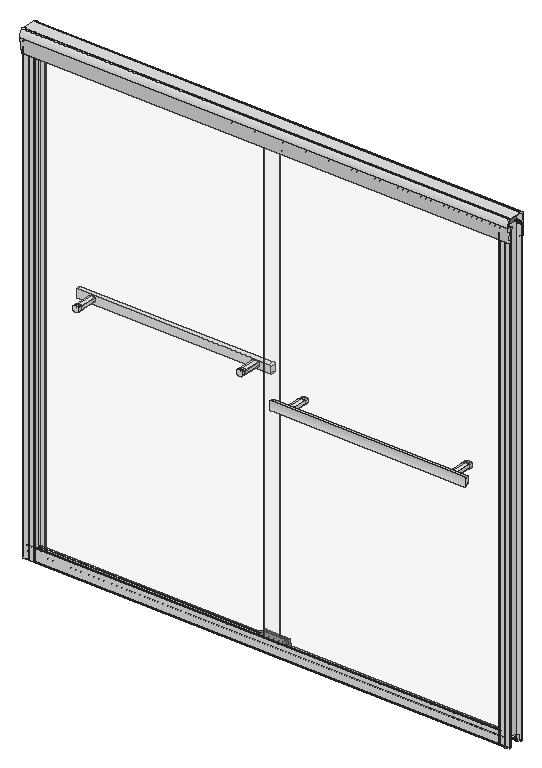
Revit family "Shower-Shower_Door-KOHLER-Gradient-K-709062_1", category Specialty Equipment, host Face, Revit 2021
Family settings
  Host = Face
  Round Connector Dimension = Use Diameter
  Part Type = Normal
  OmniClass Number = 23.31.17.17
  OmniClass Title = Shower Enclosures
  Cut with Voids When Loaded = No
  Shared = No
  Room Calculation Point = No
Parameters (values of type "Crystal Clear Glass, SHP-Bright Polished Silver")
  Width [instance] = Walk Thru + 1.40945" + 30.34252"  # 59.62697"
  WaterSense Certified = 1 = 0  # no
  Walk Thru [instance] = 27 7/8"
  URL = "https://www.us.kohler.com/us/"
  Type = 3
  Secondary Finish = Kohler-Glass-L-Crystal_Clear
  Product Page URL = "http://www.us.kohler.com/us/catalog/productDetails.jsp?productNumber=709062-L"
  Product Name = "Gradient"  # constant formula
  Product Documentation Link = "https://www.us.kohler.com/webassets/kpna/catalog/pdf/en/K-709062-L_spec_US-CA_Kohler_en.pdf"
  Model = if(Type = 1, "K-709062-L-ABZ", if(Type = 2, "K-709062-L-MX", if(Type = 3, "K-709062-L-SHP", if(Type = 4, "K-709062-D3-ABZ", if(Type = 5, "K-709062-D3-MX", if(Type = 6, "K-709062-D3-SHP", "NA"))))))  # "K-709062-L-SHP"
  Material = "Premium Metal Construction"  # constant formula
  Master Format 2014 Name = "Shower Doors"  # constant formula
  Master Format 2014 = "10 28 19.16"  # constant formula
  Manufacturer Address = "444 Highland Dr, Kohler, WI 53044"  # constant formula
  Manufacturer = "Kohler Co."  # constant formula
  Length = 6.02362"  # constant formula
  Height = 58.06299"  # constant formula
  Finish = Kohler-Metal-SHP-Bright_Polished_Silver
  Environmental Product Declaration = ""
  Description = if(Type < 4, "Sliding Bath Door, 58-1/16 Inch H x 56-5/8 - 59-5/8 Inch W, With 1/4 Inch Thick Crystal Clear Glass", "Sliding Bath Door, 58-1/16 Inch H x 56-5/8 - 59-5/8 Inch W, With 1/4 Inch Thick Frosted Glass")  # "Sliding Bath Door, 58-1/16 Inch H x 56-5/8 - 59-5/8 Inch W, With 1/4 Inch Thick Crystal Clear Glass"
  Default Elevation = 4"
  Declare Label = ""
  Date Modified = "08/03/2023"  # constant formula
  Date Created = "08/03/2023"  # constant formula
  Copyright = "Copyright Kohler Co."  # constant formula
  Contact Us = "https://www.us.kohler.com/us/static/contact.jsp"
  Assembly Code = "C1030200"
  ADA Compliant = 1 = 0  # no
Reference planes (in)
  plane 1 "Center (Front/Back)": y = 0
  plane 2: z = 0
  plane 3 "Center (Left/Right)": x = 0
  plane 4: x = 59.62697
  plane 5: x = 30.34259
  plane 6: x = 58.21759
  plane 7: z = 58.06299
  plane 8: z = 55.33756
  plane 9: y = 3.47714
  plane 10: y = -2.54649
  plane 11: x = 31.91756
  plane 12: x = 55.87712
  plane 13: x = 5.7298
  plane 14: x = 25.7298
  plane 15: x = 33.89679
  plane 16: x = 53.89679
  plane 17: x = 27.70824
  plane 18: x = 3.74548
  plane 19: z = 28.81592
  plane 20: y = 0.115
  plane 21: y = -0.115
  plane 22: y = 0.81969
  plane 23: y = 1.04969
  plane 24: y = 1.48378
  plane 25: y = -0.8593
Dimensions and locks (in)
  "Height": plane 7 to level
  locked: plane 5 to plane 3 "Center (Left/Right)" at 30.34259
  "Width": plane 4 to plane 3 "Center (Left/Right)"
  "Walk Thru": plane 5 to plane 6
  "Length": plane 10 to plane 9
  plane 11 to plane 12 to plane 4 = 23.95956" locked, 3.74985" locked
  plane 15 to plane 16 to plane 4 = 20" locked, 5.73018" locked
  plane 3 "Center (Left/Right)" to plane 18 to plane 17 = 3.74548" locked, 23.96277" locked
  locked: plane 7 to plane 8 at 2.72543
  plane 19 to level = 28.81592"
  plane 20 to plane 21 = 0.23"
  plane 23 to plane 22 = 0.23"
  plane 24 to plane 25 = 2.34308"
  plane 8 to level = 55.33756"
  aligned and locked: plane 2 to host face
  aligned and locked: level to host face
  aligned and locked: plane 3 "Center (Left/Right)" to nested 1
Automatic sketch dimensions
  host sketch curve to host sketch curve = 96"  (x2)
Nested families (in)
  nested 1: "K-709062" at (0, 0, 0), type "K-709062"
Definition of nested family "K-709062"
  Parameters (values of type "K-709062")
    Width = Walk Thru + 1.40945" + 30.34252"  # 59.62598"
    Walk Thru = 27.87402"
    Material = none
    Height = 58.06299"
    Glass Finish = none
    Default Elevation = 0"
  Reference planes (in)
    plane 1 "Center (Front/Back)": y = 0
    plane 2: z = 0
    plane 3 "Center (Left/Right)": x = 0
    plane 4: z = 58.06299
    plane 5: z = 28.81592
    plane 6: x = 59.62598
    plane 7: x = 58.21661
    plane 8: x = 30.34259
    plane 9: x = 29.1458
    plane 10: x = 58.6458
    plane 11: x = 33.8958
    plane 12: x = 53.8958
    plane 13: x = 59.26204
    plane 14: z = 56.86392
    plane 15: x = 3.9798
    plane 16: x = 27.4798
    plane 17: x = 32.1458
    plane 18: x = 55.6458
    plane 19: x = 31.91658
    plane 20: x = 55.87613
    plane 21: x = 5.7298
    plane 22: x = 25.7298
    plane 23: z = 0.04959
    plane 24: y = -2.54713
    plane 25: y = 3.47714
    plane 26: z = 56.61016
    plane 27: z = 57.40876
    plane 28: z = 55.33756
    plane 29: z = 56.05307
    plane 30: x = 58.21661
    plane 31: x = 27.70824
    plane 32: x = 3.74548
    plane 33: y = 0.81969
    plane 34: y = 1.04969
    plane 35: y = 0.115
    plane 36: y = -0.115
    plane 37: z = 1.52572
  Forms (in)
    Extrusion 1, solid, material <- "Material", detail levels medium+fine
      sketch origin (0, 0, 0) x (0, 1, 0) y (0, 0, 1)
        loop
          line (1.29486, 0.07294) -> (1.29486, 0.44692) -> (1.2746, 0.48201) -> (1.29486, 0.51709) -> (1.29486, 0.55492)
          arc (1.29486, 0.55492) -> (1.27265, 0.60989) -> (1.21849, 0.634) r 0.07913
          line (1.21849, 0.634) -> (-0.32511, 0.68791) -> (-0.32511, 0.84538)
          arc (-0.32511, 0.84538) -> (-0.31749, 0.8583) -> (-0.30249, 0.85789) r 0.01477
          arc (-0.30249, 0.85789) -> (-0.28603, 0.84882) -> (-0.26865, 0.84165) r 0.16784
          line (-0.26865, 0.84165) -> (-0.24671, 0.81971)
          arc (-0.24671, 0.81971) -> (-0.23175, 0.81584) -> (-0.22112, 0.82705) r 0.01522
          arc (-0.22112, 0.82705) -> (-0.2255, 0.85945) -> (-0.25019, 0.88089) r 0.04633
          arc (-0.25019, 0.88089) -> (-0.26957, 0.89021) -> (-0.28686, 0.90299) r 0.11456
          arc (-0.28686, 0.90299) -> (-0.31502, 0.94159) -> (-0.32499, 0.98833) r 0.11456
          line (-0.32499, 0.98833) -> (-0.32499, 1.11084) -> (-0.26549, 1.11084)
          arc (-0.26549, 1.11084) -> (-0.22886, 1.12601) -> (-0.21369, 1.16263) r 0.0518
          line (-0.21369, 1.16263) -> (-0.21369, 1.19618)
          arc (-0.21369, 1.19618) -> (-0.23637, 1.21886) -> (-0.25905, 1.19618) r 0.02268
          line (-0.25905, 1.19618) -> (-0.25905, 1.15504) -> (-0.31001, 1.15504) -> (-0.31001, 1.21871) -> (-0.32499, 1.25084) -> (-0.32499, 1.38715) -> (-0.31002, 1.41925) -> (-0.31002, 1.47562) -> (-0.2602, 1.47562) -> (-0.2602, 1.43996)
          arc (-0.2602, 1.43996) -> (-0.23541, 1.41517) -> (-0.21062, 1.43996) r 0.02479
          line (-0.21062, 1.43996) -> (-0.21062, 1.47889)
          arc (-0.21062, 1.47889) -> (-0.22434, 1.512) -> (-0.25745, 1.52572) r 0.04683
          line (-0.25745, 1.52572) -> (-0.30844, 1.52572)
          arc (-0.30844, 1.52572) -> (-0.35456, 1.50662) -> (-0.37367, 1.46049) r 0.06523
          line (-0.37367, 1.46049) -> (-0.37367, 0.07099)
          arc (-0.37367, 0.07099) -> (-0.37954, 0.05683) -> (-0.3937, 0.05096) r 0.02003
          line (-0.3937, 0.05096) -> (-0.42577, 0.05096)
          arc (-0.42577, 0.05096) -> (-0.42531, 0.01788) -> (-0.39744, 0.00004) r 0.03491
          arc (-0.39744, 0.00004) -> (-0.34661, 0.0178) -> (-0.32508, 0.06714) r 0.06729
          line (-0.32508, 0.06714) -> (-0.32508, 0.10788) -> (-0.09874, 0.10788)
          arc (-0.09874, 0.10788) -> (-0.07632, 0.1303) -> (-0.09874, 0.15271) r 0.02242
          line (-0.09874, 0.15271) -> (-0.32509, 0.15271) -> (-0.32509, 0.64098) -> (1.04013, 0.59521)
          arc (1.04013, 0.59521) -> (1.05516, 0.58422) -> (1.05044, 0.56621) r 0.01654
          arc (1.05044, 0.56621) -> (1.04292, 0.54967) -> (1.05044, 0.53313) r 0.02195
          line (1.05044, 0.53313) -> (1.22463, 0.53313) -> (1.22463, 0.43043) -> (1.06157, 0.43043)
          arc (1.06157, 0.43043) -> (1.04772, 0.42385) -> (1.04408, 0.40894) r 0.01787
          arc (1.04408, 0.40894) -> (1.05451, 0.39177) -> (1.07345, 0.38503) r 0.03
          line (1.07345, 0.38503) -> (1.25009, 0.38503) -> (1.25009, 0.05809)
          arc (1.25009, 0.05809) -> (1.25916, 0.02712) -> (1.28349, 0.00592) r 0.05744
          arc (1.28349, 0.00592) -> (1.31963, 0.00054) -> (1.35298, 0.01544) r 0.06519
          line (1.35298, 0.01544) -> (1.35298, 0.05032) -> (1.31748, 0.05032)
          arc (1.31748, 0.05032) -> (1.30148, 0.05694) -> (1.29486, 0.07294) r 0.02262
        loop
          line (-0.26698, 1.4057) -> (-0.26698, 1.4607) -> (-0.3002, 1.4607) -> (-0.3002, 1.17078) -> (-0.26663, 1.17078) -> (-0.26663, 1.22766) -> (-0.21844, 1.22766)
          arc (-0.21844, 1.22766) -> (-0.12942, 1.31668) -> (-0.21844, 1.4057) r 0.08902
          line (-0.21844, 1.4057) -> (-0.26698, 1.4057)
      from 0.3608 to 59.26204
    Extrusion 2, solid
      sketch origin (0, 0, 0) x (0, 1, 0) y (0, 0, 1)
        loop
          line (0.66435, 0.8084) -> (0.67425, 1.37565)
          arc (0.67425, 1.37565) -> (0.68433, 1.39372) -> (0.70495, 1.39536) r 0.02193
          arc (0.70495, 1.39536) -> (0.8185, 1.33639) -> (0.9231, 1.26269) r 0.95
          arc (0.9231, 1.26269) -> (0.95826, 1.26637) -> (0.95459, 1.30153) r 0.025
          arc (0.95459, 1.30153) -> (0.4723, 1.49126) -> (-0.00999, 1.30153) r 0.70787
          arc (-0.00999, 1.30153) -> (-0.01367, 1.26637) -> (0.02149, 1.26269) r 0.025
          arc (0.02149, 1.26269) -> (0.12593, 1.33629) -> (0.23929, 1.39521) r 0.95
          arc (0.23929, 1.39521) -> (0.26015, 1.39355) -> (0.27035, 1.37527) r 0.02218
          line (0.27035, 1.37527) -> (0.28024, 0.80885)
          arc (0.28024, 0.80885) -> (0.26258, 0.76557) -> (0.21906, 0.74852) r 0.05932
          line (0.21906, 0.74852) -> (-0.14589, 0.76001)
          arc (-0.14589, 0.76001) -> (-0.17227, 0.76652) -> (-0.19368, 0.78326) r 0.06496
          arc (-0.19368, 0.78326) -> (-0.21529, 0.79989) -> (-0.24192, 0.80581) r 0.06289
          line (-0.24192, 0.80581) -> (-0.28466, 0.80581) -> (-0.28857, 0.68593) -> (1.19947, 0.63741)
          arc (1.19947, 0.63741) -> (1.26756, 0.60723) -> (1.2955, 0.5382) r 0.09927
          line (1.2955, 0.5382) -> (1.2955, 0.06186) -> (1.38692, 0.06186) -> (1.38692, 0.71087)
          arc (1.38692, 0.71087) -> (1.25044, 1.04204) -> (1.19033, 1.39515) r 1.61462
          arc (1.19033, 1.39515) -> (1.12518, 1.45597) -> (1.0614, 1.39373) r 0.06454
          line (1.0614, 1.39373) -> (1.0391, 0.76495)
          arc (1.0391, 0.76495) -> (1.02578, 0.73531) -> (0.99555, 0.72341) r 0.04307
          line (0.99555, 0.72341) -> (0.744, 0.72638)
          arc (0.744, 0.72638) -> (0.68712, 0.75083) -> (0.66435, 0.8084) r 0.08062
      from 28.30248 to 31.33609
    Extrusion 3, solid, material <- "Glass Finish"
      sketch origin (0, 0, 0) x (1, 0, 0) y (0, 1, 0)
        loop
          line (58.60943, 0.115) -> (29.18217, 0.115)
          arc (29.18217, 0.115) -> (29.1458, 0) -> (29.18217, -0.115) r 0.2
          line (29.18217, -0.115) -> (58.60943, -0.115)
          arc (58.60943, -0.115) -> (58.6458, 0) -> (58.60943, 0.115) r 0.2
      from 1.02762 to 56.05307
    Extrusion 4, solid, material <- "Glass Finish"
      sketch origin (0, 0, 0) x (1, 0, 0) y (0, 1, 0)
        loop
          arc (1.01617, 1.04969) -> (0.9798, 0.93469) -> (1.01617, 0.81969) r 0.2
          line (1.01617, 0.81969) -> (30.44343, 0.81969)
          arc (30.44343, 0.81969) -> (30.4798, 0.93469) -> (30.44343, 1.04969) r 0.2
          line (30.44343, 1.04969) -> (1.01617, 1.04969)
      from 1.02762 to 56.05307
    Extrusion 5, solid, material <- "Material", detail levels medium+fine
      sketch origin (0, 0, 0) x (0, 1, 0) y (0, 0, 1)
        loop
          line (1.23281, 58.02954) -> (-0.29851, 58.02954)
          arc (-0.29851, 58.02954) -> (-0.31509, 58.03169) -> (-0.33057, 58.038) r 0.06497
          arc (-0.33057, 58.038) -> (-0.4542, 58.05679) -> (-0.55881, 57.98827) r 0.175
          arc (-0.55881, 57.98827) -> (-0.77592, 57.56714) -> (-0.8593, 57.10073) r 1.59001
          arc (-0.8593, 57.10073) -> (-0.65953, 56.22702) -> (-0.54931, 55.33756) r 8.8334
          line (-0.54931, 55.33756) -> (-0.46846, 55.33756) -> (-0.46846, 55.39663)
          arc (-0.46846, 55.39663) -> (-0.48453, 55.40205) -> (-0.4918, 55.41739) r 0.0217
          arc (-0.4918, 55.41739) -> (-0.56433, 56.1467) -> (-0.72135, 56.86259) r 6.2792
          line (-0.72135, 56.86259) -> (-0.5181, 56.86259) -> (-0.5181, 56.68745)
          arc (-0.5181, 56.68745) -> (-0.49314, 56.66249) -> (-0.46817, 56.68745) r 0.02497
          line (-0.46817, 56.68745) -> (-0.46817, 56.86259) -> (-0.32125, 56.86259)
          arc (-0.32125, 56.86259) -> (-0.21226, 56.8779) -> (-0.1117, 56.92262) r 0.39578
          line (-0.1117, 56.92262) -> (-0.1117, 57.01742)
          arc (-0.1117, 57.01742) -> (-0.13677, 57.04249) -> (-0.16184, 57.01742) r 0.02507
          line (-0.16184, 57.01742) -> (-0.16184, 56.96138)
          arc (-0.16184, 56.96138) -> (-0.29355, 56.90777) -> (-0.42717, 56.95643) r 0.1977
          line (-0.42717, 56.95643) -> (-0.42717, 57.01214) -> (-0.75964, 57.01214) -> (-0.78846, 57.11971)
          arc (-0.78846, 57.11971) -> (-0.70041, 57.55311) -> (-0.50691, 57.95079) r 1.75679
          arc (-0.50691, 57.95079) -> (-0.44916, 57.99243) -> (-0.37839, 57.98467) r 0.09922
          arc (-0.37839, 57.98467) -> (-0.34074, 57.97063) -> (-0.30084, 57.96585) r 0.16919
          line (-0.30084, 57.96585) -> (1.25494, 57.96585)
          arc (1.25494, 57.96585) -> (1.30282, 57.97183) -> (1.34777, 57.9894) r 0.19476
          arc (1.34777, 57.9894) -> (1.39629, 57.98843) -> (1.42027, 57.94624) r 0.0491
          line (1.42027, 57.94624) -> (1.42027, 57.00989) -> (1.36153, 57.00989) -> (1.36153, 56.95853)
          arc (1.36153, 56.95853) -> (1.22935, 56.91643) -> (1.09592, 56.95436) r 0.24041
          line (1.09592, 56.95436) -> (1.09592, 57.02091)
          arc (1.09592, 57.02091) -> (1.0718, 57.04503) -> (1.04768, 57.02091) r 0.02412
          line (1.04768, 57.02091) -> (1.04768, 56.92527)
          arc (1.04768, 56.92527) -> (1.12303, 56.87719) -> (1.21081, 56.86037) r 0.23747
          line (1.21081, 56.86037) -> (1.421, 56.86037) -> (1.421, 55.42098)
          arc (1.421, 55.42098) -> (1.4163, 55.40408) -> (1.40354, 55.39203) r 0.03274
          line (1.40354, 55.39203) -> (1.40354, 55.33756) -> (1.48378, 55.33756) -> (1.48378, 57.94196)
          arc (1.48378, 57.94196) -> (1.42996, 58.04039) -> (1.31805, 58.04819) r 0.11691
          arc (1.31805, 58.04819) -> (1.27644, 58.03425) -> (1.23281, 58.02954) r 0.20409
      from 0.00062 to 59.62598
    Extrusion 6, solid, material <- "Material", detail levels medium+fine
      sketch origin (0, 0, 0) x (1, 0, 0) y (0, 1, 0)
        loop
          line (0.67999, 1.33704) -> (0.67999, -0.40125)
          arc (0.67999, -0.40125) -> (0.37718, -0.40523) -> (0.07453, -0.41597) r 13.57614
          arc (0.07453, -0.41597) -> (0.05946, -0.41037) -> (0.05303, -0.39563) r 0.02055
          arc (0.05303, -0.39563) -> (0.02671, -0.36966) -> (0.00062, -0.39587) r 0.0262
          line (0.00062, -0.39587) -> (0.00062, -0.43355)
          arc (0.00062, -0.43355) -> (0.01344, -0.46089) -> (0.04264, -0.46853) r 0.03557
          arc (0.04264, -0.46853) -> (0.70746, -0.45054) -> (1.37227, -0.46875) r 12.22026
          arc (1.37227, -0.46875) -> (1.39854, -0.4591) -> (1.4096, -0.4334) r 0.0354
          line (1.4096, -0.4334) -> (1.4096, -0.39587)
          arc (1.4096, -0.39587) -> (1.38303, -0.36971) -> (1.35729, -0.39669) r 0.02616
          arc (1.35729, -0.39669) -> (1.35157, -0.41111) -> (1.33714, -0.41678) r 0.01949
          line (1.33714, -0.41678) -> (0.72932, -0.39556) -> (0.72932, 1.33135) -> (1.33714, 1.35257)
          arc (1.33714, 1.35257) -> (1.35157, 1.3469) -> (1.35729, 1.33248) r 0.01949
          arc (1.35729, 1.33248) -> (1.38303, 1.3055) -> (1.4096, 1.33166) r 0.02616
          line (1.4096, 1.33166) -> (1.4096, 1.36919)
          arc (1.4096, 1.36919) -> (1.39854, 1.39489) -> (1.37227, 1.40454) r 0.0354
          arc (1.37227, 1.40454) -> (0.70746, 1.38633) -> (0.04264, 1.40432) r 12.22026
          arc (0.04264, 1.40432) -> (0.01344, 1.39668) -> (0.00062, 1.36935) r 0.03557
          line (0.00062, 1.36935) -> (0.00062, 1.33166)
          arc (0.00062, 1.33166) -> (0.02671, 1.30545) -> (0.05303, 1.33142) r 0.0262
          arc (0.05303, 1.33142) -> (0.05946, 1.34616) -> (0.07453, 1.35176) r 0.02055
          arc (0.07453, 1.35176) -> (0.37718, 1.34102) -> (0.67999, 1.33704) r 13.57614
      from 0.05096 to 56.86392
    Extrusion 7, solid, material <- "Material", detail levels medium+fine
      sketch origin (0, 0, 0) x (1, 0, 0) y (0, 1, 0)
        loop
          line (58.89605, 1.3398) -> (58.89605, -0.40175)
          arc (58.89605, -0.40175) -> (58.59109, -0.40542) -> (58.28634, -0.41739) r 11.20243
          arc (58.28634, -0.41739) -> (58.27168, -0.41154) -> (58.2666, -0.39659) r 0.01885
          arc (58.2666, -0.39659) -> (58.24299, -0.36893) -> (58.21661, -0.39396) r 0.02507
          line (58.21661, -0.39396) -> (58.21661, -0.43519)
          arc (58.21661, -0.43519) -> (58.22703, -0.45941) -> (58.25178, -0.4685) r 0.03335
          arc (58.25178, -0.4685) -> (58.92274, -0.4501) -> (59.59371, -0.46839) r 12.28253
          arc (59.59371, -0.46839) -> (59.61585, -0.46026) -> (59.62517, -0.43859) r 0.02984
          line (59.62517, -0.43859) -> (59.62517, -0.39396)
          arc (59.62517, -0.39396) -> (59.59878, -0.36893) -> (59.57518, -0.39661) r 0.02507
          arc (59.57518, -0.39661) -> (59.57037, -0.4108) -> (59.55645, -0.41633) r 0.01785
          arc (59.55645, -0.41633) -> (59.25093, -0.40438) -> (58.94519, -0.40193) r 9.83252
          line (58.94519, -0.40193) -> (58.94519, 1.33999)
          arc (58.94519, 1.33999) -> (59.25093, 1.34243) -> (59.55645, 1.35438) r 9.83252
          arc (59.55645, 1.35438) -> (59.57037, 1.34885) -> (59.57518, 1.33467) r 0.01785
          arc (59.57518, 1.33467) -> (59.59878, 1.30698) -> (59.62517, 1.33202) r 0.02507
          line (59.62517, 1.33202) -> (59.62517, 1.37665)
          arc (59.62517, 1.37665) -> (59.61585, 1.39831) -> (59.59371, 1.40644) r 0.02984
          arc (59.59371, 1.40644) -> (58.92274, 1.38816) -> (58.25178, 1.40655) r 12.28253
          arc (58.25178, 1.40655) -> (58.22703, 1.39747) -> (58.21661, 1.37325) r 0.03335
          line (58.21661, 1.37325) -> (58.21661, 1.33202)
          arc (58.21661, 1.33202) -> (58.24299, 1.30698) -> (58.2666, 1.33464) r 0.02507
          arc (58.2666, 1.33464) -> (58.27168, 1.3496) -> (58.28634, 1.35545) r 0.01885
          arc (58.28634, 1.35545) -> (58.59109, 1.34347) -> (58.89605, 1.3398) r 11.20243
      from 0.04959 to 56.86392
    Extrusion 8, solid, detail levels medium+fine
      sketch origin (0, 0, 0) x (0, 1, 0) y (0, 0, 1)
        loop
          line (1.38976, 57.34452) -> (-0.45232, 57.34452) -> (-0.45232, 57.04221) -> (-0.16142, 57.04221) -> (-0.16142, 56.8626) -> (-0.35735, 56.8626) -> (-0.35735, 55.83761) -> (1.29216, 55.83761) -> (1.29216, 56.86162) -> (1.09774, 56.86162) -> (1.09774, 57.04034) -> (1.38976, 57.04034) -> (1.38976, 57.34452)
      from 0.72932 to 0.9809
    Extrusion 9, solid, detail levels medium+fine
      sketch origin (58.6458, 0, 48) x (0, 1, 0) y (0, 0, 1)
        loop
          line (1.38976, 9.34452) -> (-0.45232, 9.34452) -> (-0.45232, 9.04221) -> (-0.16142, 9.04221) -> (-0.16142, 8.8626) -> (-0.35735, 8.8626) -> (-0.35735, 7.83761) -> (1.29216, 7.83761) -> (1.29216, 8.86162) -> (1.09774, 8.86162) -> (1.09774, 9.04034) -> (1.38976, 9.04034) -> (1.38976, 9.34452)
      from 0 to 0.25025
    Extrusion 10, solid, material <- "Material", detail levels medium+fine
      sketch origin (3.9798, -180, 57.62292) x (0, 0, 1) y (0, -1, 0)
        loop
          arc (-2.11242, -180.69469) -> (-2.11983, -180.72969) -> (-2.09017, -180.74969) r 0.032
          line (-2.09017, -180.74969) -> (-1.05717, -180.74969)
          arc (-1.05717, -180.74969) -> (-0.99706, -180.77458) -> (-0.97217, -180.83469) r 0.085
          line (-0.97217, -180.83469) -> (-0.97217, -181.01469)
          arc (-0.97217, -181.01469) -> (-0.99706, -181.07479) -> (-1.05717, -181.09969) r 0.085
          line (-1.05717, -181.09969) -> (-2.09017, -181.09969)
          arc (-2.09017, -181.09969) -> (-2.11983, -181.11969) -> (-2.11242, -181.15469) r 0.032
          line (-2.11242, -181.15469) -> (-1.06217, -181.15469)
          arc (-1.06217, -181.15469) -> (-0.96628, -181.11669) -> (-0.92243, -181.02333) r 0.14
          arc (-0.92243, -181.02333) -> (-0.90286, -180.98165) -> (-0.86005, -180.96469) r 0.0625
          line (-0.86005, -180.96469) -> (-0.08017, -180.96469)
          arc (-0.08017, -180.96469) -> (-0.04017, -180.92469) -> (-0.08017, -180.88469) r 0.04
          line (-0.08017, -180.88469) -> (-0.86005, -180.88469)
          arc (-0.86005, -180.88469) -> (-0.90286, -180.86772) -> (-0.92243, -180.82604) r 0.0625
          arc (-0.92243, -180.82604) -> (-0.96628, -180.73268) -> (-1.06217, -180.69469) r 0.14
          line (-1.06217, -180.69469) -> (-2.11242, -180.69469)
      from -0.625 to 0.625
    Extrusion 11, solid, material <- "Material", detail levels medium+fine
      sketch origin (3.9798, -180, 57.62292) x (0, 0, 1) y (0, -1, 0)
        loop
          line (-1.06217, -180.69469) -> (-2.11242, -180.69469)
          arc (-2.11242, -180.69469) -> (-2.11983, -180.72969) -> (-2.09017, -180.74969) r 0.032
          line (-2.09017, -180.74969) -> (-1.05717, -180.74969)
          arc (-1.05717, -180.74969) -> (-0.99706, -180.77458) -> (-0.97217, -180.83469) r 0.085
          line (-0.97217, -180.83469) -> (-0.97217, -181.01469)
          arc (-0.97217, -181.01469) -> (-0.99706, -181.07479) -> (-1.05717, -181.09969) r 0.085
          line (-1.05717, -181.09969) -> (-2.09017, -181.09969)
          arc (-2.09017, -181.09969) -> (-2.11983, -181.11969) -> (-2.11242, -181.15469) r 0.032
          line (-2.11242, -181.15469) -> (-1.06217, -181.15469)
          arc (-1.06217, -181.15469) -> (-0.96628, -181.11669) -> (-0.92243, -181.02333) r 0.14
          arc (-0.92243, -181.02333) -> (-0.90286, -180.98165) -> (-0.86005, -180.96469) r 0.0625
          line (-0.86005, -180.96469) -> (-0.08017, -180.96469)
          arc (-0.08017, -180.96469) -> (-0.04017, -180.92469) -> (-0.08017, -180.88469) r 0.04
          line (-0.08017, -180.88469) -> (-0.86005, -180.88469)
          arc (-0.86005, -180.88469) -> (-0.90286, -180.86772) -> (-0.92243, -180.82604) r 0.0625
          arc (-0.92243, -180.82604) -> (-0.96628, -180.73268) -> (-1.06217, -180.69469) r 0.14
      from 22.875 to 24.125
    Extrusion 12, solid, material <- "Material", detail levels medium+fine
      sketch origin (32.1458, -180, 57.55142) x (0, 0, 1) y (0, -1, 0)
        loop
          arc (-2.04092, -179.78) -> (-2.04833, -179.815) -> (-2.01867, -179.835) r 0.032
          line (-2.01867, -179.835) -> (-0.98567, -179.835)
          arc (-0.98567, -179.835) -> (-0.92556, -179.8599) -> (-0.90067, -179.92) r 0.085
          line (-0.90067, -179.92) -> (-0.90067, -180.1)
          arc (-0.90067, -180.1) -> (-0.92556, -180.1601) -> (-0.98567, -180.185) r 0.085
          line (-0.98567, -180.185) -> (-2.01867, -180.185)
          arc (-2.01867, -180.185) -> (-2.04833, -180.205) -> (-2.04092, -180.24) r 0.032
          line (-2.04092, -180.24) -> (-0.99067, -180.24)
          arc (-0.99067, -180.24) -> (-0.89478, -180.202) -> (-0.85093, -180.10864) r 0.14
          arc (-0.85093, -180.10864) -> (-0.83136, -180.06696) -> (-0.78855, -180.05) r 0.0625
          line (-0.78855, -180.05) -> (-0.00867, -180.05)
          arc (-0.00867, -180.05) -> (0.03133, -180.01) -> (-0.00867, -179.97) r 0.04
          line (-0.00867, -179.97) -> (-0.78855, -179.97)
          arc (-0.78855, -179.97) -> (-0.83136, -179.95304) -> (-0.85093, -179.91136) r 0.0625
          arc (-0.85093, -179.91136) -> (-0.89478, -179.818) -> (-0.99067, -179.78) r 0.14
          line (-0.99067, -179.78) -> (-2.04092, -179.78)
      from -0.625 to 0.625
    Extrusion 13, solid, material <- "Material", detail levels medium+fine
      sketch origin (55.6458, -180, 57.61267) x (0, 0, 1) y (0, -1, 0)
        loop
          arc (-2.07992, -180.185) -> (-2.10958, -180.205) -> (-2.10217, -180.24) r 0.032
          line (-2.10217, -180.24) -> (-1.05192, -180.24)
          arc (-1.05192, -180.24) -> (-0.95603, -180.202) -> (-0.91218, -180.10864) r 0.14
          arc (-0.91218, -180.10864) -> (-0.89261, -180.06696) -> (-0.8498, -180.05) r 0.0625
          line (-0.8498, -180.05) -> (-0.06992, -180.05)
          arc (-0.06992, -180.05) -> (-0.02992, -180.01) -> (-0.06992, -179.97) r 0.04
          line (-0.06992, -179.97) -> (-0.8498, -179.97)
          arc (-0.8498, -179.97) -> (-0.89261, -179.95304) -> (-0.91218, -179.91136) r 0.0625
          arc (-0.91218, -179.91136) -> (-0.95603, -179.818) -> (-1.05192, -179.78) r 0.14
          line (-1.05192, -179.78) -> (-2.10217, -179.78)
          arc (-2.10217, -179.78) -> (-2.10958, -179.815) -> (-2.07992, -179.835) r 0.032
          line (-2.07992, -179.835) -> (-1.04692, -179.835)
          arc (-1.04692, -179.835) -> (-0.98681, -179.8599) -> (-0.96192, -179.92) r 0.085
          line (-0.96192, -179.92) -> (-0.96192, -180.1)
          arc (-0.96192, -180.1) -> (-0.98681, -180.1601) -> (-1.04692, -180.185) r 0.085
          line (-1.04692, -180.185) -> (-2.07992, -180.185)
      from -0.625 to 0.625
    Revolve 14, solid, material <- "Material", detail levels medium+fine
      sketch origin (3.9798, -180, 57.62292) x (0, 0, 1) y (0, -1, 0)
        loop
          arc (-0.00117, -181.33469) -> (0.05343, -181.19513) -> (-0.06606, -181.10469) r 0.12416
          line (-0.06606, -181.10469) -> (-0.17903, -181.10469) -> (-0.15016, -181.08447) -> (-0.15016, -180.97988) -> (-0.17873, -180.96469) -> (-0.25051, -180.96469) -> (-0.25051, -180.85863) -> (-0.1796, -180.85863)
          arc (-0.1796, -180.85863) -> (-0.23227, -180.77585) -> (-0.32494, -180.74361) r 0.14934
          line (-0.32494, -180.74361) -> (-0.32494, -181.36127) -> (-0.26271, -181.36127) -> (-0.23613, -181.33469) -> (-0.00117, -181.33469)
        axis (-0.32494, -181.36127) -> (-0.32494, -180.74361)
      angle from 0 to 360
    Revolve 15, solid, material <- "Material", detail levels medium+fine
      sketch origin (27.4798, -180, 56.04292) x (0, 0, 1) y (0, -1, 0)
        loop
          arc (1.57883, -181.33469) -> (1.63343, -181.19513) -> (1.51394, -181.10469) r 0.12416
          line (1.51394, -181.10469) -> (1.40097, -181.10469) -> (1.42984, -181.08447) -> (1.42984, -180.97988) -> (1.40127, -180.96469) -> (1.32949, -180.96469) -> (1.32949, -180.85863) -> (1.4004, -180.85863)
          arc (1.4004, -180.85863) -> (1.34773, -180.77585) -> (1.25506, -180.74361) r 0.14934
          line (1.25506, -180.74361) -> (1.25506, -181.36127) -> (1.31729, -181.36127) -> (1.34387, -181.33469) -> (1.57883, -181.33469)
        axis (1.25506, -180.74361) -> (1.25506, -181.36127)
      angle from 0 to 360
    Revolve 16, solid, material <- "Material", detail levels medium+fine
      sketch origin (32.1458, -180, 57.55142) x (0, 0, 1) y (0, -1, 0)
        loop
          line (0.07033, -179.6) -> (-0.16463, -179.6) -> (-0.19121, -179.57342) -> (-0.25344, -179.57342) -> (-0.25344, -180.19107)
          arc (-0.25344, -180.19107) -> (-0.16077, -180.15884) -> (-0.1081, -180.07605) r 0.14934
          line (-0.1081, -180.07605) -> (-0.17901, -180.07605) -> (-0.17901, -179.97) -> (-0.10723, -179.97) -> (-0.07866, -179.95481) -> (-0.07866, -179.85021) -> (-0.10753, -179.83) -> (0.00544, -179.83)
          arc (0.00544, -179.83) -> (0.12493, -179.73956) -> (0.07033, -179.6) r 0.12416
        axis (-0.25344, -179.57342) -> (-0.25344, -180.19107)
      angle from 0 to 360
    Revolve 17, solid, material <- "Material", detail levels medium+fine
      sketch origin (55.6458, -180, 57.61267) x (0, 0, 1) y (0, -1, 0)
        loop
          line (0.00908, -179.6) -> (-0.22588, -179.6) -> (-0.25246, -179.57342) -> (-0.31469, -179.57342) -> (-0.31469, -180.19107)
          arc (-0.31469, -180.19107) -> (-0.22202, -180.15884) -> (-0.16935, -180.07605) r 0.14934
          line (-0.16935, -180.07605) -> (-0.24026, -180.07605) -> (-0.24026, -179.97) -> (-0.16848, -179.97) -> (-0.13991, -179.95481) -> (-0.13991, -179.85021) -> (-0.16878, -179.83) -> (-0.05581, -179.83)
          arc (-0.05581, -179.83) -> (0.06368, -179.73956) -> (0.00908, -179.6) r 0.12416
        axis (-0.31469, -179.57342) -> (-0.31469, -180.19107)
      angle from 0 to 360
    Blend 18, solid, material <- "Material"
      base sketch origin (0, 0, 0) x (1, 0, 0) y (0, 0, 1)
        loop
          arc (31.90886, 28.45612) -> (31.96651, 28.31692) -> (32.10571, 28.25927) r 0.19685
          line (32.10571, 28.25927) -> (55.6859, 28.25927)
          arc (55.6859, 28.25927) -> (55.82509, 28.31692) -> (55.88275, 28.45612) r 0.19685
          line (55.88275, 28.45612) -> (55.88275, 29.20946)
          arc (55.88275, 29.20946) -> (55.83463, 29.32562) -> (55.71847, 29.37374) r 0.16428
          line (55.71847, 29.37374) -> (32.10571, 29.37374)
          arc (32.10571, 29.37374) -> (31.96651, 29.31608) -> (31.90886, 29.17689) r 0.19685
          line (31.90886, 29.17689) -> (31.90886, 28.45612)
      top sketch origin (0, 0, 0) x (1, 0, 0) y (0, 0, 1)
        loop
          line (55.71847, 29.295) -> (32.10571, 29.295)
          arc (32.10571, 29.295) -> (32.02219, 29.26041) -> (31.9876, 29.17689) r 0.11811
          line (31.9876, 29.17689) -> (31.9876, 28.45612)
          arc (31.9876, 28.45612) -> (32.02219, 28.3726) -> (32.10571, 28.33801) r 0.11811
          line (32.10571, 28.33801) -> (55.6859, 28.33801)
          arc (55.6859, 28.33801) -> (55.76941, 28.3726) -> (55.80401, 28.45612) r 0.11811
          line (55.80401, 28.45612) -> (55.80401, 29.20946)
          arc (55.80401, 29.20946) -> (55.77895, 29.26995) -> (55.71847, 29.295) r 0.08554
      from 2.55411 to 2.07694
    Extrusion 19, solid, material <- "Material"
      sketch origin (0, 0, 0) x (1, 0, 0) y (0, 0, 1)
        loop
          line (33.5408, 29.0227) -> (33.5408, 28.60914)
          arc (33.5408, 28.60914) -> (33.5451, 28.59311) -> (33.55685, 28.5814) r 0.032
          arc (33.55685, 28.5814) -> (33.72039, 28.51393) -> (33.8958, 28.49092) r 0.68013
          arc (33.8958, 28.49092) -> (34.07121, 28.51393) -> (34.23475, 28.5814) r 0.68013
          arc (34.23475, 28.5814) -> (34.2465, 28.59311) -> (34.2508, 28.60914) r 0.032
          line (34.2508, 28.60914) -> (34.2508, 29.0227)
          arc (34.2508, 29.0227) -> (34.2465, 29.03873) -> (34.23475, 29.05044) r 0.032
          arc (34.23475, 29.05044) -> (34.07121, 29.11791) -> (33.8958, 29.14092) r 0.68013
          arc (33.8958, 29.14092) -> (33.72039, 29.11791) -> (33.55685, 29.05044) r 0.68013
          arc (33.55685, 29.05044) -> (33.5451, 29.03873) -> (33.5408, 29.0227) r 0.032
        loop
          arc (53.55685, 28.5814) -> (53.72039, 28.51393) -> (53.8958, 28.49092) r 0.68013
          arc (53.8958, 28.49092) -> (54.07121, 28.51393) -> (54.23475, 28.5814) r 0.68013
          arc (54.23475, 28.5814) -> (54.2465, 28.59311) -> (54.2508, 28.60914) r 0.032
          line (54.2508, 28.60914) -> (54.2508, 29.0227)
          arc (54.2508, 29.0227) -> (54.2465, 29.03873) -> (54.23475, 29.05044) r 0.032
          arc (54.23475, 29.05044) -> (54.07121, 29.11791) -> (53.8958, 29.14092) r 0.68013
          arc (53.8958, 29.14092) -> (53.72039, 29.11791) -> (53.55685, 29.05044) r 0.68013
          arc (53.55685, 29.05044) -> (53.5451, 29.03873) -> (53.5408, 29.0227) r 0.032
          line (53.5408, 29.0227) -> (53.5408, 28.60914)
          arc (53.5408, 28.60914) -> (53.5451, 28.59311) -> (53.55685, 28.5814) r 0.032
      from -0.361 to 2.082
    Blend 20, solid, material <- "Material"
      base sketch origin (0, 0, 0) x (1, 0, 0) y (0, 0, 1)
        loop
          line (27.51983, 29.37374) -> (3.93971, 29.37374)
          arc (3.93971, 29.37374) -> (3.80051, 29.31608) -> (3.74286, 29.17689) r 0.19685
          line (3.74286, 29.17689) -> (3.74286, 28.43052)
          arc (3.74286, 28.43052) -> (3.79302, 28.30943) -> (3.91411, 28.25927) r 0.17126
          line (3.91411, 28.25927) -> (27.54741, 28.25927)
          arc (27.54741, 28.25927) -> (27.6671, 28.30885) -> (27.71668, 28.42854) r 0.16927
          line (27.71668, 28.42854) -> (27.71668, 29.17689)
          arc (27.71668, 29.17689) -> (27.65902, 29.31608) -> (27.51983, 29.37374) r 0.19685
      top sketch origin (0, 0, 0) x (1, 0, 0) y (0, 0, 1)
        loop
          line (27.51983, 29.295) -> (3.93971, 29.295)
          arc (3.93971, 29.295) -> (3.85619, 29.26041) -> (3.8216, 29.17689) r 0.11811
          line (3.8216, 29.17689) -> (3.8216, 28.43052)
          arc (3.8216, 28.43052) -> (3.84869, 28.36511) -> (3.91411, 28.33801) r 0.09252
          line (3.91411, 28.33801) -> (27.54741, 28.33801)
          arc (27.54741, 28.33801) -> (27.61142, 28.36452) -> (27.63794, 28.42854) r 0.09053
          line (27.63794, 28.42854) -> (27.63794, 29.17689)
          arc (27.63794, 29.17689) -> (27.60334, 29.26041) -> (27.51983, 29.295) r 0.11811
      from -3.48603 to -3.01669
    Extrusion 21, solid, material <- "Material"
      sketch origin (0, 0, 0) x (1, 0, 0) y (0, 0, 1)
        loop
          arc (5.7298, 29.14092) -> (5.55439, 29.11791) -> (5.39085, 29.05044) r 0.68013
          arc (5.39085, 29.05044) -> (5.3791, 29.03873) -> (5.3748, 29.0227) r 0.032
          line (5.3748, 29.0227) -> (5.3748, 28.60914)
          arc (5.3748, 28.60914) -> (5.3791, 28.59311) -> (5.39085, 28.5814) r 0.032
          arc (5.39085, 28.5814) -> (5.55439, 28.51393) -> (5.7298, 28.49092) r 0.68013
          arc (5.7298, 28.49092) -> (5.90521, 28.51393) -> (6.06875, 28.5814) r 0.68013
          arc (6.06875, 28.5814) -> (6.0805, 28.59311) -> (6.0848, 28.60914) r 0.032
          line (6.0848, 28.60914) -> (6.0848, 29.0227)
          arc (6.0848, 29.0227) -> (6.0805, 29.03873) -> (6.06875, 29.05044) r 0.032
          arc (6.06875, 29.05044) -> (5.90521, 29.11791) -> (5.7298, 29.14092) r 0.68013
        loop
          arc (25.7298, 29.14092) -> (25.55439, 29.11791) -> (25.39085, 29.05044) r 0.68013
          arc (25.39085, 29.05044) -> (25.3791, 29.03873) -> (25.3748, 29.0227) r 0.032
          line (25.3748, 29.0227) -> (25.3748, 28.60914)
          arc (25.3748, 28.60914) -> (25.3791, 28.59311) -> (25.39085, 28.5814) r 0.032
          arc (25.39085, 28.5814) -> (25.55439, 28.51393) -> (25.7298, 28.49092) r 0.68013
          arc (25.7298, 28.49092) -> (25.90521, 28.51393) -> (26.06875, 28.5814) r 0.68013
          arc (26.06875, 28.5814) -> (26.0805, 28.59311) -> (26.0848, 28.60914) r 0.032
          line (26.0848, 28.60914) -> (26.0848, 29.0227)
          arc (26.0848, 29.0227) -> (26.0805, 29.03873) -> (26.06875, 29.05044) r 0.032
          arc (26.06875, 29.05044) -> (25.90521, 29.11791) -> (25.7298, 29.14092) r 0.68013
      from -3.01669 to -0.57369
    Extrusion 22, void
      sketch origin (0, 0, 0) x (0, 1, 0) y (0, 0, 1)
        loop
          line (1.04969, 29.21863) -> (0.81969, 29.21863) -> (0.81969, 28.17145) -> (1.04969, 28.17145) -> (1.04969, 29.21863)
        loop
          arc (3.49951, 29.45668) -> (3.40982, 28.8148) -> (3.49951, 28.17292) r 2.34174
          line (3.49951, 28.17292) -> (3.49951, 29.45668)
      from 2.41691 to 29.61869
    Extrusion 23, void
      sketch origin (33.8958, 0.361, 48) x (0, -1, 0) y (0, 0, 1)
        loop
          line (0.476, -19.67482) -> (0.476, -18.76821) -> (0.246, -18.76821) -> (0.246, -19.67482) -> (0.476, -19.67482)
        loop
          arc (2.93578, -18.52243) -> (2.84232, -19.1852) -> (2.93578, -19.84797) r 2.39658
          line (2.93578, -19.84797) -> (2.93578, -18.52243)
      from -22.90891 to 2.68612
    Extrusion 24, solid, material <- "Material"
      sketch origin (0, 0, 0) x (1, 0, 0) y (0, 0, 1)
        loop
          circle (53.8958, 28.81592) r 0.11811
        loop
          circle (33.8958, 28.81592) r 0.11811
      from -0.115 to 0.115
    Extrusion 25, solid, material <- "Material"
      sketch origin (0, 0, 0) x (1, 0, 0) y (0, 0, 1)
        loop
          circle (5.7298, 28.81592) r 0.11811
        loop
          circle (25.7298, 28.81592) r 0.11811
      from -1.04969 to -0.81969
    Extrusion 26, void
      sketch origin (55.6458, -180, 57.61267) x (0, 0, 1) y (0, -1, 0)
        loop
          line (-56.89517, -179.82378) -> (-56.15254, -179.82378)
          arc (-56.15254, -179.82378) -> (-56.0563, -179.72754) -> (-56.15254, -179.6313) r 0.09624
          line (-56.15254, -179.6313) -> (-57.65703, -179.6313) -> (-57.65703, -181.30153) -> (-56.94677, -181.30153) -> (-56.89517, -179.82378)
      from -55.6458 to 3.98018
    Extrusion 27, solid, material <- "Material", detail levels coarse
      sketch origin (0, 0, 0) x (0, 1, 0) y (0, 0, 1)
        loop
          line (1.52931, 55.33756) -> (1.52931, 58.05887) -> (-0.77548, 58.05887) -> (-0.8593, 57.10073) -> (-0.54931, 55.33756) -> (-0.165, 55.33756) -> (-0.165, 56.13242) -> (1.09969, 56.13242) -> (1.09969, 55.33756) -> (1.52931, 55.33756)
      from 0 to 59.62598
    Extrusion 28, solid, material <- "Material", detail levels coarse
      sketch origin (0, 0, 0) x (0, 1, 0) y (0, 0, 1)
        loop
          line (1.36287, 0.65477) -> (-0.14933, 0.65477) -> (-0.14933, 1.5705) -> (-0.43016, 1.5705) -> (-0.43016, 0) -> (-0.24333, 0) -> (-0.24333, 0.53695) -> (1.19007, 0.53695) -> (1.19007, 0) -> (1.36287, 0) -> (1.36287, 0.65477)
      from 0.3608 to 59.26204
    Extrusion 29, solid, material <- "Material", detail levels coarse
      sketch origin (0, 0, 0) x (1, 0, 0) y (0, 1, 0)
        loop
          line (0.04984, 1.40354) -> (0.04984, 1.30135) -> (0.66636, 1.30135) -> (0.66636, -0.36477) -> (0.04984, -0.36477) -> (0.04984, -0.47933) -> (1.40912, -0.47933) -> (1.40912, -0.36477) -> (0.74467, -0.36477) -> (0.74467, 1.30135) -> (1.4096, 1.30135) -> (1.4096, 1.40354) -> (0.04984, 1.40354)
      from 0.04959 to 57.40876
    Extrusion 30, solid, material <- "Material", detail levels coarse
      sketch origin (0, 0, 0) x (1, 0, 0) y (0, 1, 0)
        loop
          line (58.21661, 1.304) -> (58.85841, 1.304) -> (58.85841, -0.33961) -> (58.21661, -0.33961) -> (58.21661, -0.46846) -> (59.60138, -0.46846) -> (59.60138, -0.33961) -> (58.96409, -0.33961) -> (58.96409, 1.30135) -> (59.60138, 1.30135) -> (59.60138, 1.41224) -> (58.21661, 1.41224) -> (58.21661, 1.304)
      from 0.04959 to 57.40876
  Cuts and joins
    Extrusion 22 cuts Blend 20
    Extrusion 23 cuts Blend 18
    Extrusion 23 cuts Extrusion 19
    Extrusion 22 cuts Extrusion 21
    Extrusion 26 cuts Extrusion 6
    Extrusion 26 cuts Extrusion 7
  Lines and regions (in)
    Masking region 1
      outline origin (0, 0, 0) x (1, 0, 0) y (0, 0, 1)
        loop
          line (0.00062, 58.0608) -> (0.00062, 0.04959) -> (0.3608, 0.04959) -> (0.3608, 0.00004) -> (59.26204, 0.00004) -> (59.26204, 0.05032) -> (59.62598, 0.05032) -> (59.62598, 58.0608) -> (0.00062, 58.0608)
    Masking region 2
      outline origin (0, 0, 0) x (1, 0, 0) y (0, 1, 0)
        loop
          line (3.75048, 3.44189) -> (3.8216, 3.01669) -> (5.3748, 3.01669) -> (5.3748, 1.48378) -> (0.00062, 1.48378) -> (0.00062, -0.8593) -> (33.5408, -0.8593) -> (33.5408, -2.07694) -> (31.9876, -2.07694) -> (31.91658, -2.50884)
          spline (31.91658, -2.50884) -> (31.91734, -2.51281) -> (31.92145, -2.51687) -> (31.92881, -2.52093) -> (31.93931, -2.52493) -> (31.95276, -2.5288) -> (31.96893, -2.53247) -> (31.98754, -2.53588) -> (32.00825, -2.53897) -> (32.03072, -2.54168) -> (32.05456, -2.54397) -> (32.07933, -2.5458) -> (32.10463, -2.54713)
          line (32.10463, -2.54713) -> (55.7244, -2.54713)
          spline (55.7244, -2.54713) -> (55.74503, -2.54661) -> (55.76516, -2.54557) -> (55.78447, -2.54402) -> (55.80262, -2.542) -> (55.8193, -2.53953) -> (55.83425, -2.53666) -> (55.84721, -2.53343) -> (55.85797, -2.52991) -> (55.86633, -2.52614) -> (55.87217, -2.5222) -> (55.87538, -2.51814) -> (55.87613, -2.51403)
          line (55.87613, -2.51403) -> (55.80401, -2.07694) -> (54.2508, -2.07694) -> (54.2508, -0.8593) -> (59.62598, -0.8593) -> (59.62598, 1.48378) -> (26.0848, 1.48378) -> (26.0848, 3.01669) -> (27.63769, 3.01669) -> (27.70903, 3.4419)
          spline (27.70903, 3.4419) -> (27.70847, 3.44623) -> (27.70506, 3.45051) -> (27.69886, 3.45467) -> (27.68998, 3.45863) -> (27.67857, 3.46234) -> (27.66483, 3.46571) -> (27.649, 3.4687) -> (27.63136, 3.47125) -> (27.6122, 3.47332) -> (27.59187, 3.47487) -> (27.57071, 3.47587) -> (27.54909, 3.47631)
          line (27.54909, 3.47631) -> (3.91411, 3.47631)
          spline (3.91411, 3.47631) -> (3.89224, 3.47526) -> (3.87081, 3.47374) -> (3.85017, 3.47178) -> (3.8307, 3.46941) -> (3.81272, 3.46668) -> (3.79656, 3.46363) -> (3.78248, 3.46032) -> (3.77073, 3.4568) -> (3.76153, 3.45313) -> (3.75501, 3.44938) -> (3.75131, 3.44561) -> (3.75048, 3.44189)
        loop
          line (6.0848, 3.01669) -> (6.0848, 1.48378) -> (25.3748, 1.48378) -> (25.3748, 3.01669) -> (6.0848, 3.01669)
        loop
          line (34.2508, -0.8593) -> (34.2508, -2.07694) -> (53.5408, -2.07694) -> (53.5408, -0.8593) -> (34.2508, -0.8593)
    Masking region 3
      outline origin (55.6458, -180, 57.61267) x (0, 0, 1) y (0, -1, 0)
        loop
          line (0.41687, -181.23281) -> (0.41687, -179.70149)
          arc (0.41687, -179.70149) -> (0.41902, -179.68491) -> (0.42533, -179.66943) r 0.06497
          arc (0.42533, -179.66943) -> (0.44412, -179.5458) -> (0.3756, -179.44119) r 0.175
          arc (0.3756, -179.44119) -> (-0.04553, -179.22408) -> (-0.51194, -179.1407) r 1.59001
          arc (-0.51194, -179.1407) -> (-1.38565, -179.34047) -> (-2.27511, -179.45069) r 8.8334
          line (-2.27511, -179.45069) -> (-2.27511, -179.53088) -> (-28.47175, -179.53088) -> (-28.47175, -177.92315) -> (-28.3174, -177.92315) -> (-28.23979, -177.4528)
          arc (-28.23979, -177.4528) -> (-28.7959, -177.51868) -> (-29.35211, -177.45372) r 2.39658
          line (-29.35211, -177.45372) -> (-29.27466, -177.92306) -> (-29.12175, -177.92306) -> (-29.12175, -179.53088) -> (-57.56308, -179.53088) -> (-57.56308, -179.57355)
          arc (-57.56308, -179.57355) -> (-57.59546, -179.57507) -> (-57.61263, -179.60256) r 0.03491
          arc (-57.61263, -179.60256) -> (-57.59487, -179.65339) -> (-57.54553, -179.67492) r 0.06729
          line (-57.54553, -179.67492) -> (-57.50479, -179.67492) -> (-57.50479, -179.90126)
          arc (-57.50479, -179.90126) -> (-57.48238, -179.92368) -> (-57.45996, -179.90126) r 0.02242
          line (-57.45996, -179.90126) -> (-57.45996, -179.67491) -> (-56.97169, -179.67491) -> (-57.01747, -181.04013)
          arc (-57.01747, -181.04013) -> (-57.02845, -181.05516) -> (-57.04646, -181.05044) r 0.01654
          arc (-57.04646, -181.05044) -> (-57.063, -181.04292) -> (-57.07954, -181.05044) r 0.02195
          line (-57.07954, -181.05044) -> (-57.07954, -181.22463) -> (-57.18224, -181.22463) -> (-57.18224, -181.06157)
          arc (-57.18224, -181.06157) -> (-57.18882, -181.04772) -> (-57.20373, -181.04408) r 0.01787
          arc (-57.20373, -181.04408) -> (-57.22091, -181.05451) -> (-57.22764, -181.07345) r 0.03
          line (-57.22764, -181.07345) -> (-57.22764, -181.25009) -> (-57.55458, -181.25009)
          arc (-57.55458, -181.25009) -> (-57.58555, -181.25916) -> (-57.60675, -181.28349) r 0.05744
          arc (-57.60675, -181.28349) -> (-57.61213, -181.31963) -> (-57.59723, -181.35298) r 0.06519
          line (-57.59723, -181.35298) -> (-57.56308, -181.35298) -> (-57.56308, -181.4066) -> (-29.12175, -181.4066) -> (-29.12175, -183.01669) -> (-29.27466, -183.01669) -> (-29.35177, -183.47627)
          arc (-29.35177, -183.47627) -> (-28.79604, -183.40982) -> (-28.24042, -183.47714) r 2.34174
          line (-28.24042, -183.47714) -> (-28.31767, -183.01669) -> (-28.47175, -183.01669) -> (-28.47175, -181.4066) -> (-2.27511, -181.4066) -> (-2.27511, -181.48378) -> (0.32929, -181.48378)
          arc (0.32929, -181.48378) -> (0.42772, -181.42996) -> (0.43552, -181.31805) r 0.11691
          arc (0.43552, -181.31805) -> (0.42158, -181.27644) -> (0.41687, -181.23281) r 0.20409
        loop
          arc (-56.15254, -179.82378) -> (-56.0586, -179.74844) -> (-56.11173, -179.64039) r 0.09624
          arc (-56.11173, -179.64039) -> (-56.09347, -179.66313) -> (-56.08695, -179.69156) r 0.06523
          line (-56.08695, -179.69156) -> (-56.08695, -179.74255)
          arc (-56.08695, -179.74255) -> (-56.10067, -179.77566) -> (-56.13378, -179.78938) r 0.04683
          line (-56.13378, -179.78938) -> (-56.17271, -179.78938)
          arc (-56.17271, -179.78938) -> (-56.1975, -179.76459) -> (-56.17271, -179.7398) r 0.02479
          line (-56.17271, -179.7398) -> (-56.13706, -179.7398) -> (-56.13706, -179.68998) -> (-56.19342, -179.68998) -> (-56.22552, -179.67501) -> (-56.36183, -179.67501) -> (-56.39396, -179.68999) -> (-56.45763, -179.68999) -> (-56.45763, -179.74095) -> (-56.41649, -179.74095)
          arc (-56.41649, -179.74095) -> (-56.39381, -179.76363) -> (-56.41649, -179.78631) r 0.02268
          line (-56.41649, -179.78631) -> (-56.45004, -179.78631)
          arc (-56.45004, -179.78631) -> (-56.48666, -179.77114) -> (-56.50183, -179.73451) r 0.0518
          line (-56.50183, -179.73451) -> (-56.50183, -179.67501) -> (-56.62434, -179.67501)
          arc (-56.62434, -179.67501) -> (-56.67108, -179.68498) -> (-56.70968, -179.71314) r 0.11456
          arc (-56.70968, -179.71314) -> (-56.72246, -179.73043) -> (-56.73178, -179.74981) r 0.11456
          arc (-56.73178, -179.74981) -> (-56.75322, -179.7745) -> (-56.78562, -179.77888) r 0.04633
          arc (-56.78562, -179.77888) -> (-56.79683, -179.76825) -> (-56.79296, -179.75329) r 0.01522
          line (-56.79296, -179.75329) -> (-56.77102, -179.73135)
          arc (-56.77102, -179.73135) -> (-56.76385, -179.71397) -> (-56.75478, -179.69751) r 0.16784
          arc (-56.75478, -179.69751) -> (-56.75437, -179.68251) -> (-56.76729, -179.67489) r 0.01477
          line (-56.76729, -179.67489) -> (-56.92476, -179.67489) -> (-56.92604, -179.71145) -> (-56.80686, -179.71534) -> (-56.80686, -179.75808)
          arc (-56.80686, -179.75808) -> (-56.81278, -179.78471) -> (-56.82941, -179.80632) r 0.06289
          arc (-56.82941, -179.80632) -> (-56.84254, -179.81594) -> (-56.8568, -179.82378) r 0.126
          line (-56.8568, -179.82378) -> (-56.37437, -179.82378)
          arc (-56.37437, -179.82378) -> (-56.38231, -179.80333) -> (-56.38501, -179.78156) r 0.08902
          line (-56.38501, -179.78156) -> (-56.38501, -179.73337) -> (-56.44189, -179.73337) -> (-56.44189, -179.6998) -> (-56.15197, -179.6998) -> (-56.15197, -179.73302) -> (-56.20697, -179.73302) -> (-56.20697, -179.78156)
          arc (-56.20697, -179.78156) -> (-56.20967, -179.80333) -> (-56.21761, -179.82378) r 0.08902
          line (-56.21761, -179.82378) -> (-56.15254, -179.82378)
        loop
          line (-57.13066, -181.2746) -> (-57.16685, -181.2955) -> (-57.09448, -181.2955) -> (-57.13066, -181.2746)
        loop
          arc (0.35318, -179.69916) -> (0.35796, -179.65926) -> (0.372, -179.62161) r 0.16919
          arc (0.372, -179.62161) -> (0.37976, -179.55084) -> (0.33812, -179.49309) r 0.09922
          arc (0.33812, -179.49309) -> (-0.05956, -179.29959) -> (-0.49296, -179.21154) r 1.75679
          line (-0.49296, -179.21154) -> (-0.60053, -179.24036) -> (-0.60053, -179.57283) -> (-0.65624, -179.57283)
          arc (-0.65624, -179.57283) -> (-0.7049, -179.70674) -> (-0.6509, -179.83858) r 0.1977
          line (-0.6509, -179.83858) -> (-0.57046, -179.83858) -> (-0.60399, -179.82638)
          arc (-0.60399, -179.82638) -> (-0.69574, -179.72454) -> (-0.63847, -179.6) r 0.12465
          line (-0.63847, -179.6) -> (-0.57046, -179.6) -> (-0.57046, -179.54768) -> (-0.26816, -179.54768) -> (-0.22729, -179.6) -> (0.00908, -179.6)
          arc (0.00908, -179.6) -> (0.06286, -179.73982) -> (-0.05676, -179.83) r 0.12443
          line (-0.05676, -179.83) -> (-0.16878, -179.83) -> (-0.13991, -179.85021) -> (-0.13991, -179.95481) -> (-0.16848, -179.97) -> (-0.06992, -179.97)
          arc (-0.06992, -179.97) -> (-0.02992, -180.01) -> (-0.06992, -180.05) r 0.04
          line (-0.06992, -180.05) -> (-0.22202, -180.05) -> (-0.24026, -180.07605) -> (-0.16935, -180.07605)
          arc (-0.16935, -180.07605) -> (-0.20441, -180.14345) -> (-0.26816, -180.1848) r 0.149
          line (-0.26816, -180.1848) -> (-0.26816, -180.75173)
          arc (-0.26816, -180.75173) -> (-0.20487, -180.79235) -> (-0.16935, -180.85863) r 0.14955
          line (-0.16935, -180.85863) -> (-0.24026, -180.85863) -> (-0.22197, -180.88469) -> (-0.06992, -180.88469)
          arc (-0.06992, -180.88469) -> (-0.02992, -180.92469) -> (-0.06992, -180.96469) r 0.04
          line (-0.06992, -180.96469) -> (-0.16848, -180.96469) -> (-0.13991, -180.97988) -> (-0.13991, -181.08447) -> (-0.16878, -181.10469) -> (-0.05709, -181.10469)
          arc (-0.05709, -181.10469) -> (0.06257, -181.19478) -> (0.00908, -181.33469) r 0.12452
          line (0.00908, -181.33469) -> (-0.22844, -181.33469) -> (-0.26816, -181.38976) -> (-0.57233, -181.38976) -> (-0.57233, -181.33469) -> (-0.63847, -181.33469)
          arc (-0.63847, -181.33469) -> (-0.67405, -181.30145) -> (-0.69419, -181.25713) r 0.12467
          arc (-0.69419, -181.25713) -> (-0.68032, -181.31169) -> (-0.65414, -181.36153) r 0.24041
          line (-0.65414, -181.36153) -> (-0.60278, -181.36153) -> (-0.60278, -181.42027) -> (0.33357, -181.42027)
          arc (0.33357, -181.42027) -> (0.37576, -181.39629) -> (0.37673, -181.34777) r 0.0491
          arc (0.37673, -181.34777) -> (0.35916, -181.30282) -> (0.35318, -181.25494) r 0.19476
          line (0.35318, -181.25494) -> (0.35318, -179.69916)
        loop
          line (-0.57233, -181.09774) -> (-0.65946, -181.09774)
          arc (-0.65946, -181.09774) -> (-0.68317, -181.14731) -> (-0.69501, -181.20097) r 0.24041
          arc (-0.69501, -181.20097) -> (-0.66252, -181.14362) -> (-0.60661, -181.10871) r 0.13395
          line (-0.60661, -181.10871) -> (-0.57233, -181.09774)
        loop
          arc (-0.75008, -179.27865) -> (-1.46597, -179.43567) -> (-2.19528, -179.5082) r 6.2792
          arc (-2.19528, -179.5082) -> (-2.2104, -179.51522) -> (-2.21608, -179.53088) r 0.0217
          line (-2.21608, -179.53088) -> (-0.92522, -179.53159)
          arc (-0.92522, -179.53159) -> (-0.95006, -179.50674) -> (-0.92522, -179.4819) r 0.02485
          line (-0.92522, -179.4819) -> (-0.75008, -179.4819) -> (-0.75008, -179.27865)
        loop
          line (-0.7523, -181.421) -> (-0.78024, -181.40676) -> (-2.2187, -181.40676)
          arc (-2.2187, -181.40676) -> (-2.20571, -181.41725) -> (-2.18944, -181.421) r 0.03719
          line (-2.18944, -181.421) -> (-0.7523, -181.421)
    symbolic lines, detail levels medium+fine
      curve 1: line (33.5408, -2.07694, 0) -> (34.2508, -2.07694, 0)
      curve 2: line (53.5408, -2.07694, 0) -> (54.2508, -2.07694, 0)
      curve 3: line (53.5408, -0.8593, 0) -> (54.2508, -0.8593, 0)
      curve 4: line (33.5408, -0.8593, 0) -> (34.2508, -0.8593, 0)
      curve 5: line (32.10571, -2.07694, 0) -> (32.10463, -2.54713, 0)
      curve 6: line (55.72503, -2.54377, 0) -> (55.72503, -2.07694, 0)
      curve 7: line (59.62598, -0.55881, 0) -> (0.00062, -0.55881, 0)
      curve 8: line (59.62598, -0.33057, 0) -> (0.00062, -0.33057, 0)
      curve 9: line (0.00062, 1.36935, 0) -> (59.6223, 1.36935, 0)
      curve 10: line (59.62598, 1.23281, 0) -> (0.00062, 1.23281, 0)
      curve 11: line (3.93971, 3.01669, 0) -> (3.93971, 3.47714, 0)
      curve 12: line (27.51983, 3.47714, 0) -> (27.51983, 3.01669, 0)
      curve 13: line (25.3748, 1.48378, 0) -> (26.0848, 1.48378, 0)
      curve 14: line (5.3748, 1.48378, 0) -> (6.0848, 1.48378, 0)
      curve 15: line (0.00062, 0, 57.10073) -> (59.62598, 0, 57.10073)
      curve 16: line (0.00062, 0, 55.33756) -> (59.62598, 0, 55.33756)
      curve 17: line (59.62598, 0, 57.9894) -> (0.00062, 0, 57.9894)
      curve 18: line (1.4096, 0, 55.33756) -> (1.4096, 0, 0.04961)
      curve 19: line (0.3608, 0, 0.04961) -> (59.26204, 0, 0.04961)
      curve 20: line (58.21661, 0, 0.04959) -> (58.21661, 0, 55.33756)
      curve 21: line (58.21661, 0, 1.52572) -> (1.4096, 0, 1.52572)
      curve 22: spline (31.91645, 0, 29.17892) -> (31.91741, 0, 29.20321) -> (31.92149, 0, 29.22716) -> (31.92862, 0, 29.25039) -> (31.9387, 0, 29.27251) -> (31.95156, 0, 29.29315) -> (31.96699, 0, 29.312) -> (31.98473, 0, 29.32873) -> (32.0045, 0, 29.34308) -> (32.02597, 0, 29.35481) -> (32.0488, 0, 29.36372) -> (32.07261, 0, 29.36968) -> (32.09701, 0, 29.37259)
      curve 23: line (32.09701, 0, 29.37259) -> (55.72522, 0, 29.37259)
      curve 24: spline (55.72522, 0, 29.37259) -> (55.74561, 0, 29.37011) -> (55.76552, 0, 29.36509) -> (55.7846, 0, 29.35762) -> (55.80256, 0, 29.34782) -> (55.81909, 0, 29.33585) -> (55.83392, 0, 29.3219) -> (55.84681, 0, 29.30621) -> (55.85754, 0, 29.28904) -> (55.86595, 0, 29.27066) -> (55.87189, 0, 29.25138) -> (55.87527, 0, 29.23151) -> (55.87603, 0, 29.21138)
      curve 25: spline (55.87603, 0, 29.21138) -> (55.87444, 0, 29.14876) -> (55.87312, 0, 29.0859) -> (55.87207, 0, 29.02285) -> (55.8713, 0, 28.95965) -> (55.87081, 0, 28.89634) -> (55.87059, 0, 28.83298) -> (55.87065, 0, 28.7696) -> (55.87098, 0, 28.70626) -> (55.8716, 0, 28.64299) -> (55.87248, 0, 28.57985) -> (55.87365, 0, 28.51687) -> (55.87508, 0, 28.45411)
      curve 26: spline (55.87508, 0, 28.45411) -> (55.87413, 0, 28.42984) -> (55.87005, 0, 28.4059) -> (55.86291, 0, 28.38269) -> (55.85283, 0, 28.36058) -> (55.83998, 0, 28.33995) -> (55.82457, 0, 28.32112) -> (55.80684, 0, 28.30439) -> (55.78709, 0, 28.29006) -> (55.76563, 0, 28.27834) -> (55.74282, 0, 28.26942) -> (55.71903, 0, 28.26347) -> (55.69465, 0, 28.26056)
      curve 27: line (55.69465, 0, 28.26056) -> (32.09767, 0, 28.26056)
      curve 28: spline (31.91654, 0, 28.45395) -> (31.91792, 0, 28.514) -> (31.91905, 0, 28.57426) -> (31.91993, 0, 28.63467) -> (31.92055, 0, 28.6952) -> (31.92093, 0, 28.75581) -> (31.92105, 0, 28.81645) -> (31.92091, 0, 28.8771) -> (31.92053, 0, 28.9377) -> (31.91989, 0, 28.99823) -> (31.91899, 0, 29.05863) -> (31.91785, 0, 29.11888) -> (31.91645, 0, 29.17892)
      curve 29: spline (32.09767, 0, 28.26056) -> (32.07321, 0, 28.26353) -> (32.04935, 0, 28.26954) -> (32.02646, 0, 28.27849) -> (32.00492, 0, 28.29024) -> (31.98509, 0, 28.3046) -> (31.96729, 0, 28.32132) -> (31.95181, 0, 28.34013) -> (31.9389, 0, 28.36073) -> (31.92878, 0, 28.38279) -> (31.92161, 0, 28.40593) -> (31.91751, 0, 28.42978) -> (31.91654, 0, 28.45395)
      curve 30: arc (25.7298, 0, 29.14092) -> (25.55439, 0, 29.11791) -> (25.39085, 0, 29.05044) r 0.68013
      curve 31: arc (25.39085, 0, 29.05044) -> (25.3791, 0, 29.03873) -> (25.3748, 0, 29.0227) r 0.032
      curve 32: line (25.3748, 0, 29.0227) -> (25.3748, 0, 28.60914)
      curve 33: arc (25.3748, 0, 28.60914) -> (25.3791, 0, 28.59311) -> (25.39085, 0, 28.5814) r 0.032
      curve 34: arc (25.39085, 0, 28.5814) -> (25.55439, 0, 28.51393) -> (25.7298, 0, 28.49092) r 0.68013
      curve 35: arc (25.7298, 0, 28.49092) -> (25.90521, 0, 28.51393) -> (26.06875, 0, 28.5814) r 0.68013
      curve 36: arc (26.06875, 0, 28.5814) -> (26.0805, 0, 28.59311) -> (26.0848, 0, 28.60914) r 0.032
      curve 37: line (26.0848, 0, 28.60914) -> (26.0848, 0, 29.0227)
      curve 38: arc (26.0848, 0, 29.0227) -> (26.0805, 0, 29.03873) -> (26.06875, 0, 29.05044) r 0.032
      curve 39: arc (26.06875, 0, 29.05044) -> (25.90521, 0, 29.11791) -> (25.7298, 0, 29.14092) r 0.68013
      curve 40: arc (5.7298, 0, 29.14092) -> (5.55439, 0, 29.11791) -> (5.39085, 0, 29.05044) r 0.68013
